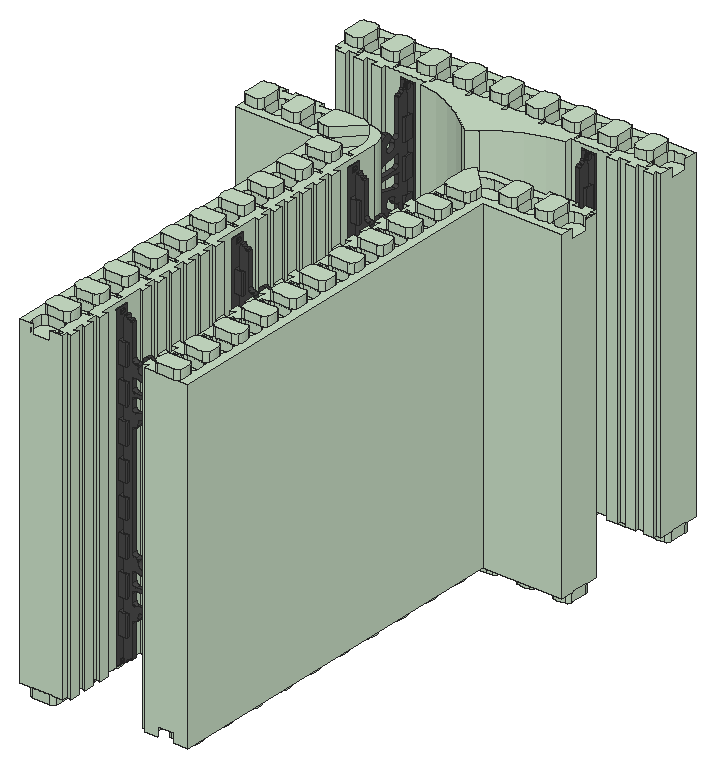
Revit family "ICF- NUDURA 4-inch- Long T Form Unit- Imperial", category Generic Models, Revit 2011 (continued)
Definition of nested family "4-inch Insert Web"
  Forms (in)
    Extrusion 2, solid, material "High Density Polystyrene"
      sketch origin (0, 0, 0) x (0, 1, 0) y (0, 0, 1)
        loop
          arc (1.64893, 17.28772) -> (1.61433, 17.27339) -> (1.6, 17.2388) r 0.04893
          line (1.6, 17.2388) -> (1.6, 17.20772) -> (1.5, 17.20772) -> (1.5, 15.41964)
          arc (1.5, 15.41964) -> (1.44097, 15.27714) -> (1.29847, 15.21812) r 0.20153
          arc (1.29847, 15.21812) -> (1.20889, 15.19959) -> (1.18179, 15.11222) r 0.09
          arc (1.18179, 15.11222) -> (0.74446, 14.77125) -> (0.77171, 15.32512) r 0.305
          arc (0.77171, 15.32512) -> (0.89426, 15.6111) -> (0.60829, 15.73365) r 0.22
          arc (0.60829, 15.73365) -> (0.36995, 15.58023) -> (0.20617, 15.3489) r 0.745
          arc (0.20617, 15.3489) -> (0.12274, 15.25133) -> (0, 15.21369) r 0.23
          arc (0, 15.21369) -> (-0.12274, 15.25133) -> (-0.20617, 15.3489) r 0.23
          arc (-0.20617, 15.3489) -> (-0.36995, 15.58023) -> (-0.60829, 15.73365) r 0.745
          arc (-0.60829, 15.73365) -> (-0.89426, 15.6111) -> (-0.77171, 15.32512) r 0.22
          arc (-0.77171, 15.32512) -> (-0.74446, 14.77125) -> (-1.18179, 15.11222) r 0.305
          arc (-1.18179, 15.11222) -> (-1.20889, 15.19959) -> (-1.29847, 15.21812) r 0.09
          arc (-1.29847, 15.21812) -> (-1.44097, 15.27714) -> (-1.5, 15.41964) r 0.20153
          line (-1.5, 15.41964) -> (-1.5, 17.20772) -> (-1.6, 17.20772) -> (-1.6, 17.2388)
          arc (-1.6, 17.2388) -> (-1.61433, 17.27339) -> (-1.64893, 17.28772) r 0.04893
          line (-1.64893, 17.28772) -> (-1.77609, 17.28772) -> (-1.825, 17.43772)
          arc (-1.825, 17.43772) -> (-1.875, 17.46772) -> (-1.925, 17.43772) r 0.05667
          line (-1.925, 17.43772) -> (-2, 17.20772) -> (-2, 0.53811) -> (-1.925, 0.30811)
          arc (-1.925, 0.30811) -> (-1.875, 0.27811) -> (-1.825, 0.30811) r 0.05667
          line (-1.825, 0.30811) -> (-1.77609, 0.45811) -> (-1.64893, 0.45811)
          arc (-1.64893, 0.45811) -> (-1.61433, 0.47244) -> (-1.6, 0.50703) r 0.04893
          line (-1.6, 0.50703) -> (-1.6, 0.53811) -> (-1.5, 0.53811) -> (-1.5, 2.32619)
          arc (-1.5, 2.32619) -> (-1.44097, 2.46869) -> (-1.29847, 2.52772) r 0.20153
          arc (-1.29847, 2.52772) -> (-1.20889, 2.54624) -> (-1.18179, 2.63362) r 0.09
          arc (-1.18179, 2.63362) -> (-0.74446, 2.97458) -> (-0.77171, 2.42071) r 0.305
          arc (-0.77171, 2.42071) -> (-0.89426, 2.13473) -> (-0.60829, 2.01218) r 0.22
          arc (-0.60829, 2.01218) -> (-0.36995, 2.1656) -> (-0.20617, 2.39693) r 0.745
          arc (-0.20617, 2.39693) -> (-0.12274, 2.4945) -> (0, 2.53215) r 0.23
          arc (0, 2.53215) -> (0.12274, 2.4945) -> (0.20617, 2.39693) r 0.23
          arc (0.20617, 2.39693) -> (0.36995, 2.1656) -> (0.60829, 2.01218) r 0.745
          arc (0.60829, 2.01218) -> (0.89426, 2.13473) -> (0.77171, 2.42071) r 0.22
          arc (0.77171, 2.42071) -> (0.74446, 2.97458) -> (1.18179, 2.63362) r 0.305
          arc (1.18179, 2.63362) -> (1.20889, 2.54624) -> (1.29847, 2.52772) r 0.09
          arc (1.29847, 2.52772) -> (1.44097, 2.46869) -> (1.5, 2.32619) r 0.20153
          line (1.5, 2.32619) -> (1.5, 0.53811) -> (1.6, 0.53811) -> (1.6, 0.50703)
          arc (1.6, 0.50703) -> (1.61433, 0.47244) -> (1.64893, 0.45811) r 0.04893
          line (1.64893, 0.45811) -> (1.77609, 0.45811) -> (1.825, 0.30811)
          arc (1.825, 0.30811) -> (1.875, 0.27811) -> (1.925, 0.30811) r 0.05667
          line (1.925, 0.30811) -> (2, 0.53811) -> (2, 17.20772)
        loop
          line (1.5, 5.8331) -> (1.5, 11.91273)
          arc (1.5, 11.91273) -> (1.44097, 12.05523) -> (1.29847, 12.11426) r 0.20153
          arc (1.29847, 12.11426) -> (1.20889, 12.13278) -> (1.18179, 12.22016) r 0.09
          arc (1.18179, 12.22016) -> (0.74446, 12.56112) -> (0.77171, 12.00725) r 0.305
          arc (0.77171, 12.00725) -> (0.89426, 11.72127) -> (0.60829, 11.59873) r 0.22
          arc (0.60829, 11.59873) -> (0.36995, 11.75214) -> (0.20617, 11.98348) r 0.745
          arc (0.20617, 11.98348) -> (0.12274, 12.08104) -> (0, 12.11869) r 0.23
          arc (0, 12.11869) -> (-0.12274, 12.08104) -> (-0.20617, 11.98348) r 0.23
          arc (-0.20617, 11.98348) -> (-0.36995, 11.75214) -> (-0.60829, 11.59873) r 0.745
          arc (-0.60829, 11.59873) -> (-0.89426, 11.72127) -> (-0.77171, 12.00725) r 0.22
          arc (-0.77171, 12.00725) -> (-0.74446, 12.56112) -> (-1.18179, 12.22016) r 0.305
          arc (-1.18179, 12.22016) -> (-1.20889, 12.13278) -> (-1.29847, 12.11426) r 0.09
          arc (-1.29847, 12.11426) -> (-1.44097, 12.05523) -> (-1.5, 11.91273) r 0.20153
          line (-1.5, 11.91273) -> (-1.5, 5.8331)
          arc (-1.5, 5.8331) -> (-1.44097, 5.6906) -> (-1.29847, 5.63158) r 0.20153
          arc (-1.29847, 5.63158) -> (-1.20889, 5.61305) -> (-1.18179, 5.52567) r 0.09
          arc (-1.18179, 5.52567) -> (-0.74446, 5.18471) -> (-0.77171, 5.73858) r 0.305
          arc (-0.77171, 5.73858) -> (-0.89426, 6.02456) -> (-0.60829, 6.14711) r 0.22
          arc (-0.60829, 6.14711) -> (-0.36995, 5.99369) -> (-0.20617, 5.76236) r 0.745
          arc (-0.20617, 5.76236) -> (-0.12274, 5.66479) -> (0, 5.62715) r 0.23
          arc (0, 5.62715) -> (0.12274, 5.66479) -> (0.20617, 5.76236) r 0.23
          arc (0.20617, 5.76236) -> (0.36995, 5.99369) -> (0.60829, 6.14711) r 0.745
          arc (0.60829, 6.14711) -> (0.89426, 6.02456) -> (0.77171, 5.73858) r 0.22
          arc (0.77171, 5.73858) -> (0.74446, 5.18471) -> (1.18179, 5.52567) r 0.305
          arc (1.18179, 5.52567) -> (1.20889, 5.61305) -> (1.29847, 5.63158) r 0.09
          arc (1.29847, 5.63158) -> (1.44097, 5.6906) -> (1.5, 5.8331) r 0.20153
        loop
          line (1.5, 13.92792) -> (1.5, 14.39506)
          arc (1.5, 14.39506) -> (1.44165, 14.51428) -> (1.31171, 14.54135) r 0.15098
          arc (1.31171, 14.54135) -> (0.8435, 14.42302) -> (0.37542, 14.30691) r 109.15003
          arc (0.37542, 14.30691) -> (0.21407, 14.19098) -> (0.15234, 14.00212) r 0.31975
          arc (0.15234, 14.00212) -> (0.22557, 13.82535) -> (0.40234, 13.75212) r 0.25
          line (0.40234, 13.75212) -> (1.32421, 13.75212)
          arc (1.32421, 13.75212) -> (1.44851, 13.80361) -> (1.5, 13.92792) r 0.17579
        loop
          arc (1.5, 13.40446) -> (1.44851, 13.52876) -> (1.32421, 13.58025) r 0.17579
          line (1.32421, 13.58025) -> (0.40234, 13.58025)
          arc (0.40234, 13.58025) -> (0.22557, 13.50703) -> (0.15234, 13.33025) r 0.25
          arc (0.15234, 13.33025) -> (0.21407, 13.1414) -> (0.37542, 13.02546) r 0.31975
          arc (0.37542, 13.02546) -> (0.8435, 12.90936) -> (1.31171, 12.79102) r 109.15003
          arc (1.31171, 12.79102) -> (1.44165, 12.81809) -> (1.5, 12.93731) r 0.15098
          line (1.5, 12.93731) -> (1.5, 13.40446)
        loop
          line (2.18889, 0.33798) -> (2.13111, 0.34119)
          arc (2.13111, 0.34119) -> (2.11625, 0.33575) -> (2.11, 0.32122) r 0.02
          line (2.11, 0.32122) -> (2.11, 0.20001)
          arc (2.11, 0.20001) -> (2.11414, 0.1848) -> (2.12543, 0.17379) r 0.03
          line (2.12543, 0.17379) -> (2.19457, 0.13538)
          arc (2.19457, 0.13538) -> (2.20585, 0.12437) -> (2.21, 0.10915) r 0.03
          line (2.21, 0.10915) -> (2.21, 0.35795)
          arc (2.21, 0.35795) -> (2.20374, 0.34342) -> (2.18889, 0.33798) r 0.02
        loop
          arc (1.5, 3.81792) -> (1.44851, 3.94222) -> (1.32421, 3.99371) r 0.17579
          line (1.32421, 3.99371) -> (0.40234, 3.99371)
          arc (0.40234, 3.99371) -> (0.22557, 3.92048) -> (0.15234, 3.74371) r 0.25
          arc (0.15234, 3.74371) -> (0.21407, 3.55486) -> (0.37542, 3.43892) r 0.31975
          arc (0.37542, 3.43892) -> (0.8435, 3.32282) -> (1.31171, 3.20448) r 109.15003
          arc (1.31171, 3.20448) -> (1.44165, 3.23155) -> (1.5, 3.35077) r 0.15098
          line (1.5, 3.35077) -> (1.5, 3.81792)
        loop
          line (1.5, 4.34137) -> (1.5, 4.80852)
          arc (1.5, 4.80852) -> (1.44165, 4.92774) -> (1.31171, 4.95481) r 0.15098
          arc (1.31171, 4.95481) -> (0.8435, 4.83647) -> (0.37542, 4.72037) r 109.15003
          arc (0.37542, 4.72037) -> (0.21407, 4.60444) -> (0.15234, 4.41558) r 0.31975
          arc (0.15234, 4.41558) -> (0.22557, 4.23881) -> (0.40234, 4.16558) r 0.25
          line (0.40234, 4.16558) -> (1.32421, 4.16558)
          arc (1.32421, 4.16558) -> (1.44851, 4.21707) -> (1.5, 4.34137) r 0.17579
        loop
          line (-2.18889, 17.40785) -> (-2.13111, 17.40464)
          arc (-2.13111, 17.40464) -> (-2.11625, 17.41008) -> (-2.11, 17.42461) r 0.02
          line (-2.11, 17.42461) -> (-2.11, 17.54582)
          arc (-2.11, 17.54582) -> (-2.11414, 17.56103) -> (-2.12543, 17.57204) r 0.03
          line (-2.12543, 17.57204) -> (-2.19457, 17.61045)
          arc (-2.19457, 17.61045) -> (-2.20585, 17.62147) -> (-2.21, 17.63668) r 0.03
          line (-2.21, 17.63668) -> (-2.21, 17.38789)
          arc (-2.21, 17.38789) -> (-2.20374, 17.40241) -> (-2.18889, 17.40785) r 0.02
        loop
          arc (-1.5, 13.92792) -> (-1.44851, 13.80361) -> (-1.32421, 13.75212) r 0.17579
          line (-1.32421, 13.75212) -> (-0.40234, 13.75212)
          arc (-0.40234, 13.75212) -> (-0.22557, 13.82535) -> (-0.15234, 14.00212) r 0.25
          arc (-0.15234, 14.00212) -> (-0.21407, 14.19098) -> (-0.37542, 14.30691) r 0.31975
          arc (-0.37542, 14.30691) -> (-0.8435, 14.42302) -> (-1.31171, 14.54135) r 109.15003
          arc (-1.31171, 14.54135) -> (-1.44165, 14.51428) -> (-1.5, 14.39506) r 0.15098
          line (-1.5, 14.39506) -> (-1.5, 13.92792)
        loop
          line (-1.5, 13.40446) -> (-1.5, 12.93731)
          arc (-1.5, 12.93731) -> (-1.44165, 12.81809) -> (-1.31171, 12.79102) r 0.15098
          arc (-1.31171, 12.79102) -> (-0.8435, 12.90936) -> (-0.37542, 13.02546) r 109.15003
          arc (-0.37542, 13.02546) -> (-0.21407, 13.1414) -> (-0.15234, 13.33025) r 0.31975
          arc (-0.15234, 13.33025) -> (-0.22557, 13.50703) -> (-0.40234, 13.58025) r 0.25
          line (-0.40234, 13.58025) -> (-1.32421, 13.58025)
          arc (-1.32421, 13.58025) -> (-1.44851, 13.52876) -> (-1.5, 13.40446) r 0.17579
        loop
          arc (-2.18889, 0.33798) -> (-2.20374, 0.34342) -> (-2.21, 0.35795) r 0.02
          line (-2.21, 0.35795) -> (-2.21, 0.10915)
          arc (-2.21, 0.10915) -> (-2.20585, 0.12437) -> (-2.19457, 0.13538) r 0.03
          line (-2.19457, 0.13538) -> (-2.12543, 0.17379)
          arc (-2.12543, 0.17379) -> (-2.11414, 0.1848) -> (-2.11, 0.20001) r 0.03
          line (-2.11, 0.20001) -> (-2.11, 0.32122)
          arc (-2.11, 0.32122) -> (-2.11625, 0.33575) -> (-2.13111, 0.34119) r 0.02
          line (-2.13111, 0.34119) -> (-2.18889, 0.33798)
        loop
          line (-1.5, 3.81792) -> (-1.5, 3.35077)
          arc (-1.5, 3.35077) -> (-1.44165, 3.23155) -> (-1.31171, 3.20448) r 0.15098
          arc (-1.31171, 3.20448) -> (-0.8435, 3.32282) -> (-0.37542, 3.43892) r 109.15003
          arc (-0.37542, 3.43892) -> (-0.21407, 3.55486) -> (-0.15234, 3.74371) r 0.31975
          arc (-0.15234, 3.74371) -> (-0.22557, 3.92048) -> (-0.40234, 3.99371) r 0.25
          line (-0.40234, 3.99371) -> (-1.32421, 3.99371)
          arc (-1.32421, 3.99371) -> (-1.44851, 3.94222) -> (-1.5, 3.81792) r 0.17579
        loop
          arc (-1.5, 4.34137) -> (-1.44851, 4.21707) -> (-1.32421, 4.16558) r 0.17579
          line (-1.32421, 4.16558) -> (-0.40234, 4.16558)
          arc (-0.40234, 4.16558) -> (-0.22557, 4.23881) -> (-0.15234, 4.41558) r 0.25
          arc (-0.15234, 4.41558) -> (-0.21407, 4.60444) -> (-0.37542, 4.72037) r 0.31975
          arc (-0.37542, 4.72037) -> (-0.8435, 4.83647) -> (-1.31171, 4.95481) r 109.15003
          arc (-1.31171, 4.95481) -> (-1.44165, 4.92774) -> (-1.5, 4.80852) r 0.15098
          line (-1.5, 4.80852) -> (-1.5, 4.34137)
      from 0.125 to -0.125
    Extrusion 3, solid, material "High Density Polystyrene"
      sketch origin (0, 0, 0) x (0, 1, 0) y (0, 0, 1)
        loop
          line (2.21, 16.17792) -> (1.71, 16.17792) -> (1.71, 14.97792) -> (2.21, 14.97792) -> (2.21, 16.17792)
        loop
          line (2.21, 14.22792) -> (1.71, 14.22792) -> (1.71, 13.02792) -> (2.21, 13.02792) -> (2.21, 14.22792)
        loop
          line (2.21, 12.27792) -> (1.71, 12.27792) -> (1.71, 11.07792) -> (2.21, 11.07792) -> (2.21, 12.27792)
        loop
          line (2.21, 10.32792) -> (1.71, 10.32792) -> (1.71, 9.24792) -> (2.21, 9.24792) -> (2.21, 10.32792)
        loop
          line (2.21, 8.49792) -> (1.71, 8.49792) -> (1.71, 7.41792) -> (2.21, 7.41792) -> (2.21, 8.49792)
        loop
          line (2.21, 6.66792) -> (1.71, 6.66792) -> (1.71, 5.46792) -> (2.21, 5.46792) -> (2.21, 6.66792)
        loop
          line (2.21, 4.71792) -> (1.71, 4.71792) -> (1.71, 3.51792) -> (2.21, 3.51792) -> (2.21, 4.71792)
        loop
          line (2.21, 2.76792) -> (1.71, 2.76792) -> (1.71, 1.56792) -> (2.21, 1.56792) -> (2.21, 2.76792)
        loop
          line (-2.21, 16.17792) -> (-2.21, 14.97792) -> (-1.71, 14.97792) -> (-1.71, 16.17792) -> (-2.21, 16.17792)
        loop
          line (-2.21, 14.22792) -> (-2.21, 13.02792) -> (-1.71, 13.02792) -> (-1.71, 14.22792) -> (-2.21, 14.22792)
        loop
          line (-2.21, 12.27792) -> (-2.21, 11.07792) -> (-1.71, 11.07792) -> (-1.71, 12.27792) -> (-2.21, 12.27792)
        loop
          line (-2.21, 10.32792) -> (-2.21, 9.24792) -> (-1.71, 9.24792) -> (-1.71, 10.32792) -> (-2.21, 10.32792)
        loop
          line (-2.21, 8.49792) -> (-2.21, 7.41792) -> (-1.71, 7.41792) -> (-1.71, 8.49792) -> (-2.21, 8.49792)
        loop
          line (-2.21, 6.66792) -> (-2.21, 5.46792) -> (-1.71, 5.46792) -> (-1.71, 6.66792) -> (-2.21, 6.66792)
        loop
          line (-2.21, 4.71792) -> (-2.21, 3.51792) -> (-1.71, 3.51792) -> (-1.71, 4.71792) -> (-2.21, 4.71792)
        loop
          line (-2.21, 2.76792) -> (-2.21, 1.56792) -> (-1.71, 1.56792) -> (-1.71, 2.76792) -> (-2.21, 2.76792)
      from 0.25 to -0.25
    Extrusion 4, void
      sketch origin (0, -1, 0) x (1, 0, 0) y (0, 1, 0)
        loop
          line (-0.25, 2.79249) -> (-0.25, 2.71) -> (-0.1675, 2.71)
          arc (-0.1675, 2.71) -> (-0.22584, 2.73416) -> (-0.25, 2.79249) r 0.0825
      from 0 to 18
    Extrusion 5, void
      sketch origin (0, -1, 0) x (-1, 0, 0) y (0, -1, 0)
        loop
          arc (-0.25, -2.79249) -> (-0.22584, -2.73416) -> (-0.1675, -2.71) r 0.0825
          line (-0.1675, -2.71) -> (-0.25, -2.71) -> (-0.25, -2.79249)
      from 0 to 18
    Extrusion 6, void
      sketch origin (0, 1, 0) x (1, 0, 0) y (0, 1, 0)
        loop
          arc (-0.25, -2.79249) -> (-0.22584, -2.73416) -> (-0.1675, -2.71) r 0.0825
          line (-0.1675, -2.71) -> (-0.25, -2.71) -> (-0.25, -2.79249)
      from 0 to 18
    Extrusion 7, void
      sketch origin (0, 1, 0) x (-1, 0, 0) y (0, -1, 0)
        loop
          line (-0.25, 2.79249) -> (-0.25, 2.71) -> (-0.1675, 2.71)
          arc (-0.1675, 2.71) -> (-0.22584, 2.73416) -> (-0.25, 2.79249) r 0.0825
      from 0 to 18
  Cuts and joins
    Extrusion 4, Extrusion 5, Extrusion 6, Extrusion 7 cuts Extrusion 1
    Extrusion 4, Extrusion 5, Extrusion 6, Extrusion 7 cuts Extrusion 3
Definition of nested family "NUDURA Diamond Pattern"
  Reference planes (in)
    plane 1 "Center (Front/Back)": y = 0
    plane 2: z = 0
    plane 3 "Center (Left/Right)": x = 0
    plane 4: z = 18
  Lines and regions (in)
    model lines
      curve 1: line (8, -5.625, 18) -> (8, -5.625, 0)
      curve 2: line (6, -5.625, 18) -> (6, -5.625, 0)
      curve 3: line (2, -5.625, 18) -> (2, -5.625, 0)
      curve 4: line (3.35367, -5.625, 16.98484) -> (3.69709, -5.625, 16.64142)
      curve 5: arc (3.35367, -5.625, 17.51517) -> (3.24384, -5.625, 17.25) -> (3.35367, -5.625, 16.98484) r 0.375
      curve 6: line (3.72867, -5.625, 17.89017) -> (3.35367, -5.625, 17.51517)
      curve 7: arc (4.259, -5.625, 17.89017) -> (3.99384, -5.625, 18) -> (3.72867, -5.625, 17.89017) r 0.375
      curve 8: line (4.634, -5.625, 17.51517) -> (4.259, -5.625, 17.89017)
      curve 9: arc (4.634, -5.625, 16.98484) -> (4.74384, -5.625, 17.25) -> (4.634, -5.625, 17.51517) r 0.375
      curve 10: line (4.29059, -5.625, 16.64142) -> (4.634, -5.625, 16.98484)
      curve 11: arc (4.17062, -5.625, 17.80178) -> (3.99384, -5.625, 17.875) -> (3.81706, -5.625, 17.80178) r 0.25
      curve 12: line (4.54562, -5.625, 17.42678) -> (4.17062, -5.625, 17.80178)
      curve 13: arc (4.54562, -5.625, 17.07322) -> (4.61884, -5.625, 17.25) -> (4.54562, -5.625, 17.42678) r 0.25
      curve 14: line (4.17062, -5.625, 16.69822) -> (4.54562, -5.625, 17.07322)
      curve 15: arc (3.81706, -5.625, 16.69822) -> (3.99384, -5.625, 16.625) -> (4.17062, -5.625, 16.69822) r 0.25
      curve 16: line (3.44206, -5.625, 17.07322) -> (3.81706, -5.625, 16.69822)
      curve 17: arc (3.44206, -5.625, 17.42678) -> (3.36884, -5.625, 17.25) -> (3.44206, -5.625, 17.07322) r 0.25
      curve 18: line (3.81706, -5.625, 17.80178) -> (3.44206, -5.625, 17.42678)
      curve 19: arc (3.69709, -5.625, 16.35858) -> (3.75567, -5.625, 16.5) -> (3.69709, -5.625, 16.64142) r 0.2
      curve 20: line (4.634, -5.625, 16.01517) -> (4.29059, -5.625, 16.35858)
      curve 21: arc (4.634, -5.625, 15.48484) -> (4.74384, -5.625, 15.75) -> (4.634, -5.625, 16.01517) r 0.375
      curve 22: line (4.29059, -5.625, 15.14142) -> (4.634, -5.625, 15.48484)
      curve 23: line (3.35367, -5.625, 15.48484) -> (3.69709, -5.625, 15.14142)
      curve 24: arc (3.35367, -5.625, 16.01517) -> (3.24384, -5.625, 15.75) -> (3.35367, -5.625, 15.48484) r 0.375
      curve 25: line (3.69709, -5.625, 16.35858) -> (3.35367, -5.625, 16.01517)
      curve 26: arc (4.17062, -5.625, 16.30178) -> (3.99384, -5.625, 16.375) -> (3.81706, -5.625, 16.30178) r 0.25
      curve 27: line (3.81706, -5.625, 16.30178) -> (3.44206, -5.625, 15.92678)
      curve 28: arc (3.44206, -5.625, 15.92678) -> (3.36884, -5.625, 15.75) -> (3.44206, -5.625, 15.57322) r 0.25
      curve 29: line (3.44206, -5.625, 15.57322) -> (3.81706, -5.625, 15.19822)
      curve 30: arc (3.81706, -5.625, 15.19822) -> (3.99384, -5.625, 15.125) -> (4.17062, -5.625, 15.19822) r 0.25
      curve 31: line (4.17062, -5.625, 15.19822) -> (4.54562, -5.625, 15.57322)
      curve 32: arc (4.54562, -5.625, 15.57322) -> (4.61884, -5.625, 15.75) -> (4.54562, -5.625, 15.92678) r 0.25
      curve 33: line (4.54562, -5.625, 15.92678) -> (4.17062, -5.625, 16.30178)
      curve 34: arc (3.69709, -5.625, 14.85858) -> (3.75567, -5.625, 15) -> (3.69709, -5.625, 15.14142) r 0.2
      curve 35: line (4.634, -5.625, 14.51517) -> (4.29059, -5.625, 14.85858)
      curve 36: arc (4.634, -5.625, 13.98484) -> (4.74384, -5.625, 14.25) -> (4.634, -5.625, 14.51517) r 0.375
      curve 37: line (4.29059, -5.625, 13.64142) -> (4.634, -5.625, 13.98484)
      curve 38: line (3.35367, -5.625, 13.98484) -> (3.69709, -5.625, 13.64142)
      curve 39: arc (3.35367, -5.625, 14.51517) -> (3.24384, -5.625, 14.25) -> (3.35367, -5.625, 13.98484) r 0.375
      curve 40: line (3.69709, -5.625, 14.85858) -> (3.35367, -5.625, 14.51517)
      curve 41: arc (4.17062, -5.625, 14.80178) -> (3.99384, -5.625, 14.875) -> (3.81706, -5.625, 14.80178) r 0.25
      curve 42: line (3.81706, -5.625, 14.80178) -> (3.44206, -5.625, 14.42678)
      curve 43: arc (3.44206, -5.625, 14.42678) -> (3.36884, -5.625, 14.25) -> (3.44206, -5.625, 14.07322) r 0.25
      curve 44: line (3.44206, -5.625, 14.07322) -> (3.81706, -5.625, 13.69822)
      curve 45: arc (3.81706, -5.625, 13.69822) -> (3.99384, -5.625, 13.625) -> (4.17062, -5.625, 13.69822) r 0.25
      curve 46: line (4.17062, -5.625, 13.69822) -> (4.54562, -5.625, 14.07322)
      curve 47: arc (4.54562, -5.625, 14.07322) -> (4.61884, -5.625, 14.25) -> (4.54562, -5.625, 14.42678) r 0.25
      curve 48: line (4.54562, -5.625, 14.42678) -> (4.17062, -5.625, 14.80178)
      curve 49: arc (3.69709, -5.625, 13.35858) -> (3.75567, -5.625, 13.5) -> (3.69709, -5.625, 13.64142) r 0.2
      curve 50: line (4.634, -5.625, 13.01517) -> (4.29059, -5.625, 13.35858)
      curve 51: arc (4.634, -5.625, 12.48484) -> (4.74384, -5.625, 12.75) -> (4.634, -5.625, 13.01517) r 0.375
      curve 52: line (4.29059, -5.625, 12.14142) -> (4.634, -5.625, 12.48484)
      curve 53: line (3.35367, -5.625, 12.48484) -> (3.69709, -5.625, 12.14142)
      curve 54: arc (3.35367, -5.625, 13.01517) -> (3.24384, -5.625, 12.75) -> (3.35367, -5.625, 12.48484) r 0.375
      curve 55: line (3.69709, -5.625, 13.35858) -> (3.35367, -5.625, 13.01517)
      curve 56: arc (4.17062, -5.625, 13.30178) -> (3.99384, -5.625, 13.375) -> (3.81706, -5.625, 13.30178) r 0.25
      curve 57: line (3.81706, -5.625, 13.30178) -> (3.44206, -5.625, 12.92678)
      curve 58: arc (3.44206, -5.625, 12.92678) -> (3.36884, -5.625, 12.75) -> (3.44206, -5.625, 12.57322) r 0.25
      curve 59: line (3.44206, -5.625, 12.57322) -> (3.81706, -5.625, 12.19822)
      curve 60: arc (3.81706, -5.625, 12.19822) -> (3.99384, -5.625, 12.125) -> (4.17062, -5.625, 12.19822) r 0.25
      curve 61: line (4.17062, -5.625, 12.19822) -> (4.54562, -5.625, 12.57322)
      curve 62: arc (4.54562, -5.625, 12.57322) -> (4.61884, -5.625, 12.75) -> (4.54562, -5.625, 12.92678) r 0.25
      curve 63: line (4.54562, -5.625, 12.92678) -> (4.17062, -5.625, 13.30178)
      curve 64: arc (3.69709, -5.625, 11.85858) -> (3.75567, -5.625, 12) -> (3.69709, -5.625, 12.14142) r 0.2
      curve 65: line (4.634, -5.625, 11.51517) -> (4.29059, -5.625, 11.85858)
      curve 66: arc (4.634, -5.625, 10.98484) -> (4.74384, -5.625, 11.25) -> (4.634, -5.625, 11.51517) r 0.375
      curve 67: line (4.29059, -5.625, 10.64142) -> (4.634, -5.625, 10.98484)
      curve 68: line (3.35367, -5.625, 10.98484) -> (3.69709, -5.625, 10.64142)
      curve 69: arc (3.35367, -5.625, 11.51517) -> (3.24384, -5.625, 11.25) -> (3.35367, -5.625, 10.98484) r 0.375
      curve 70: line (3.69709, -5.625, 11.85858) -> (3.35367, -5.625, 11.51517)
      curve 71: arc (4.17062, -5.625, 11.80178) -> (3.99384, -5.625, 11.875) -> (3.81706, -5.625, 11.80178) r 0.25
      curve 72: line (3.81706, -5.625, 11.80178) -> (3.44206, -5.625, 11.42678)
      curve 73: arc (3.44206, -5.625, 11.42678) -> (3.36884, -5.625, 11.25) -> (3.44206, -5.625, 11.07322) r 0.25
      curve 74: line (3.44206, -5.625, 11.07322) -> (3.81706, -5.625, 10.69822)
      curve 75: arc (3.81706, -5.625, 10.69822) -> (3.99384, -5.625, 10.625) -> (4.17062, -5.625, 10.69822) r 0.25
      curve 76: line (4.17062, -5.625, 10.69822) -> (4.54562, -5.625, 11.07322)
      curve 77: arc (4.54562, -5.625, 11.07322) -> (4.61884, -5.625, 11.25) -> (4.54562, -5.625, 11.42678) r 0.25
      curve 78: line (4.54562, -5.625, 11.42678) -> (4.17062, -5.625, 11.80178)
      curve 79: arc (3.69709, -5.625, 10.35858) -> (3.75567, -5.625, 10.5) -> (3.69709, -5.625, 10.64142) r 0.2
      curve 80: line (4.634, -5.625, 10.01517) -> (4.29059, -5.625, 10.35858)
      curve 81: arc (4.634, -5.625, 9.48484) -> (4.74384, -5.625, 9.75) -> (4.634, -5.625, 10.01517) r 0.375
      curve 82: line (4.29059, -5.625, 9.14142) -> (4.634, -5.625, 9.48484)
      curve 83: line (3.35367, -5.625, 9.48484) -> (3.69709, -5.625, 9.14142)
      curve 84: arc (3.35367, -5.625, 10.01517) -> (3.24384, -5.625, 9.75) -> (3.35367, -5.625, 9.48484) r 0.375
      curve 85: line (3.69709, -5.625, 10.35858) -> (3.35367, -5.625, 10.01517)
      curve 86: arc (4.17062, -5.625, 10.30178) -> (3.99384, -5.625, 10.375) -> (3.81706, -5.625, 10.30178) r 0.25
      curve 87: line (3.81706, -5.625, 10.30178) -> (3.44206, -5.625, 9.92678)
      curve 88: arc (3.44206, -5.625, 9.92678) -> (3.36884, -5.625, 9.75) -> (3.44206, -5.625, 9.57322) r 0.25
      curve 89: line (3.44206, -5.625, 9.57322) -> (3.81706, -5.625, 9.19822)
      curve 90: arc (3.81706, -5.625, 9.19822) -> (3.99384, -5.625, 9.125) -> (4.17062, -5.625, 9.19822) r 0.25
      curve 91: line (4.17062, -5.625, 9.19822) -> (4.54562, -5.625, 9.57322)
      curve 92: arc (4.54562, -5.625, 9.57322) -> (4.61884, -5.625, 9.75) -> (4.54562, -5.625, 9.92678) r 0.25
      curve 93: line (4.54562, -5.625, 9.92678) -> (4.17062, -5.625, 10.30178)
      curve 94: arc (3.69709, -5.625, 8.85858) -> (3.75567, -5.625, 9) -> (3.69709, -5.625, 9.14142) r 0.2
      curve 95: line (4.634, -5.625, 8.51517) -> (4.29059, -5.625, 8.85858)
      curve 96: arc (4.634, -5.625, 7.98484) -> (4.74384, -5.625, 8.25) -> (4.634, -5.625, 8.51517) r 0.375
      curve 97: line (4.29059, -5.625, 7.64142) -> (4.634, -5.625, 7.98484)
      curve 98: line (3.35367, -5.625, 7.98484) -> (3.69709, -5.625, 7.64142)
      curve 99: arc (3.35367, -5.625, 8.51517) -> (3.24384, -5.625, 8.25) -> (3.35367, -5.625, 7.98484) r 0.375
      curve 100: line (3.69709, -5.625, 8.85858) -> (3.35367, -5.625, 8.51517)
      curve 101: arc (4.17062, -5.625, 8.80178) -> (3.99384, -5.625, 8.875) -> (3.81706, -5.625, 8.80178) r 0.25
      curve 102: line (3.81706, -5.625, 8.80178) -> (3.44206, -5.625, 8.42678)
      curve 103: arc (3.44206, -5.625, 8.42678) -> (3.36884, -5.625, 8.25) -> (3.44206, -5.625, 8.07322) r 0.25
      curve 104: line (3.44206, -5.625, 8.07322) -> (3.81706, -5.625, 7.69822)
      curve 105: arc (3.81706, -5.625, 7.69822) -> (3.99384, -5.625, 7.625) -> (4.17062, -5.625, 7.69822) r 0.25
      curve 106: line (4.17062, -5.625, 7.69822) -> (4.54562, -5.625, 8.07322)
      curve 107: arc (4.54562, -5.625, 8.07322) -> (4.61884, -5.625, 8.25) -> (4.54562, -5.625, 8.42678) r 0.25
      curve 108: line (4.54562, -5.625, 8.42678) -> (4.17062, -5.625, 8.80178)
      curve 109: arc (3.69709, -5.625, 7.35858) -> (3.75567, -5.625, 7.5) -> (3.69709, -5.625, 7.64142) r 0.2
      curve 110: line (4.634, -5.625, 7.01517) -> (4.29059, -5.625, 7.35858)
      curve 111: arc (4.634, -5.625, 6.48484) -> (4.74384, -5.625, 6.75) -> (4.634, -5.625, 7.01517) r 0.375
      curve 112: line (4.29059, -5.625, 6.14142) -> (4.634, -5.625, 6.48484)
      curve 113: line (3.35367, -5.625, 6.48484) -> (3.69709, -5.625, 6.14142)
      curve 114: arc (3.35367, -5.625, 7.01517) -> (3.24384, -5.625, 6.75) -> (3.35367, -5.625, 6.48484) r 0.375
      curve 115: line (3.69709, -5.625, 7.35858) -> (3.35367, -5.625, 7.01517)
      curve 116: arc (4.17062, -5.625, 7.30178) -> (3.99384, -5.625, 7.375) -> (3.81706, -5.625, 7.30178) r 0.25
      curve 117: line (3.81706, -5.625, 7.30178) -> (3.44206, -5.625, 6.92678)
      curve 118: arc (3.44206, -5.625, 6.92678) -> (3.36884, -5.625, 6.75) -> (3.44206, -5.625, 6.57322) r 0.25
      curve 119: line (3.44206, -5.625, 6.57322) -> (3.81706, -5.625, 6.19822)
      curve 120: arc (3.81706, -5.625, 6.19822) -> (3.99384, -5.625, 6.125) -> (4.17062, -5.625, 6.19822) r 0.25
      curve 121: line (4.17062, -5.625, 6.19822) -> (4.54562, -5.625, 6.57322)
      curve 122: arc (4.54562, -5.625, 6.57322) -> (4.61884, -5.625, 6.75) -> (4.54562, -5.625, 6.92678) r 0.25
      curve 123: line (4.54562, -5.625, 6.92678) -> (4.17062, -5.625, 7.30178)
      curve 124: arc (3.69709, -5.625, 5.85858) -> (3.75567, -5.625, 6) -> (3.69709, -5.625, 6.14142) r 0.2
      curve 125: line (4.634, -5.625, 5.51517) -> (4.29059, -5.625, 5.85858)
      curve 126: arc (4.634, -5.625, 4.98484) -> (4.74384, -5.625, 5.25) -> (4.634, -5.625, 5.51517) r 0.375
      curve 127: line (4.29059, -5.625, 4.64142) -> (4.634, -5.625, 4.98484)
      curve 128: line (3.35367, -5.625, 4.98484) -> (3.69709, -5.625, 4.64142)
      curve 129: arc (3.35367, -5.625, 5.51517) -> (3.24384, -5.625, 5.25) -> (3.35367, -5.625, 4.98484) r 0.375
      curve 130: line (3.69709, -5.625, 5.85858) -> (3.35367, -5.625, 5.51517)
      curve 131: arc (4.17062, -5.625, 5.80178) -> (3.99384, -5.625, 5.875) -> (3.81706, -5.625, 5.80178) r 0.25
      curve 132: line (3.81706, -5.625, 5.80178) -> (3.44206, -5.625, 5.42678)
      curve 133: arc (3.44206, -5.625, 5.42678) -> (3.36884, -5.625, 5.25) -> (3.44206, -5.625, 5.07322) r 0.25
      curve 134: line (3.44206, -5.625, 5.07322) -> (3.81706, -5.625, 4.69822)
      curve 135: arc (3.81706, -5.625, 4.69822) -> (3.99384, -5.625, 4.625) -> (4.17062, -5.625, 4.69822) r 0.25
      curve 136: line (4.17062, -5.625, 4.69822) -> (4.54562, -5.625, 5.07322)
      curve 137: arc (4.54562, -5.625, 5.07322) -> (4.61884, -5.625, 5.25) -> (4.54562, -5.625, 5.42678) r 0.25
      curve 138: line (4.54562, -5.625, 5.42678) -> (4.17062, -5.625, 5.80178)
      curve 139: arc (3.69709, -5.625, 4.35858) -> (3.75567, -5.625, 4.5) -> (3.69709, -5.625, 4.64142) r 0.2
      curve 140: line (4.634, -5.625, 4.01517) -> (4.29059, -5.625, 4.35858)
      curve 141: arc (4.634, -5.625, 3.48484) -> (4.74384, -5.625, 3.75) -> (4.634, -5.625, 4.01517) r 0.375
      curve 142: line (4.29059, -5.625, 3.14142) -> (4.634, -5.625, 3.48484)
      curve 143: line (3.35367, -5.625, 3.48484) -> (3.69709, -5.625, 3.14142)
      curve 144: arc (3.35367, -5.625, 4.01517) -> (3.24384, -5.625, 3.75) -> (3.35367, -5.625, 3.48484) r 0.375
      curve 145: line (3.69709, -5.625, 4.35858) -> (3.35367, -5.625, 4.01517)
      curve 146: arc (4.17062, -5.625, 4.30178) -> (3.99384, -5.625, 4.375) -> (3.81706, -5.625, 4.30178) r 0.25
      curve 147: line (3.81706, -5.625, 4.30178) -> (3.44206, -5.625, 3.92678)
      curve 148: arc (3.44206, -5.625, 3.92678) -> (3.36884, -5.625, 3.75) -> (3.44206, -5.625, 3.57322) r 0.25
      curve 149: line (3.44206, -5.625, 3.57322) -> (3.81706, -5.625, 3.19822)
      curve 150: arc (3.81706, -5.625, 3.19822) -> (3.99384, -5.625, 3.125) -> (4.17062, -5.625, 3.19822) r 0.25
      curve 151: line (4.17062, -5.625, 3.19822) -> (4.54562, -5.625, 3.57322)
      curve 152: arc (4.54562, -5.625, 3.57322) -> (4.61884, -5.625, 3.75) -> (4.54562, -5.625, 3.92678) r 0.25
      curve 153: line (4.54562, -5.625, 3.92678) -> (4.17062, -5.625, 4.30178)
      curve 154: arc (3.69709, -5.625, 2.85858) -> (3.75567, -5.625, 3) -> (3.69709, -5.625, 3.14142) r 0.2
      curve 155: line (4.634, -5.625, 2.51517) -> (4.29059, -5.625, 2.85858)
      curve 156: arc (4.634, -5.625, 1.98484) -> (4.74384, -5.625, 2.25) -> (4.634, -5.625, 2.51517) r 0.375
      curve 157: line (4.29059, -5.625, 1.64142) -> (4.634, -5.625, 1.98484)
      curve 158: line (3.35367, -5.625, 1.98484) -> (3.69709, -5.625, 1.64142)
      curve 159: arc (3.35367, -5.625, 2.51517) -> (3.24384, -5.625, 2.25) -> (3.35367, -5.625, 1.98484) r 0.375
      curve 160: line (3.69709, -5.625, 2.85858) -> (3.35367, -5.625, 2.51517)
      curve 161: arc (4.17062, -5.625, 2.80178) -> (3.99384, -5.625, 2.875) -> (3.81706, -5.625, 2.80178) r 0.25
      curve 162: line (3.81706, -5.625, 2.80178) -> (3.44206, -5.625, 2.42678)
      curve 163: arc (3.44206, -5.625, 2.42678) -> (3.36884, -5.625, 2.25) -> (3.44206, -5.625, 2.07322) r 0.25
      curve 164: line (3.44206, -5.625, 2.07322) -> (3.81706, -5.625, 1.69822)
      curve 165: arc (3.81706, -5.625, 1.69822) -> (3.99384, -5.625, 1.625) -> (4.17062, -5.625, 1.69822) r 0.25
      curve 166: line (4.17062, -5.625, 1.69822) -> (4.54562, -5.625, 2.07322)
      curve 167: arc (4.54562, -5.625, 2.07322) -> (4.61884, -5.625, 2.25) -> (4.54562, -5.625, 2.42678) r 0.25
      curve 168: line (4.54562, -5.625, 2.42678) -> (4.17062, -5.625, 2.80178)
      curve 169: arc (3.69709, -5.625, 1.35858) -> (3.75567, -5.625, 1.5) -> (3.69709, -5.625, 1.64142) r 0.2
      curve 170: line (3.69709, -5.625, 1.35858) -> (3.35367, -5.625, 1.01517)
      curve 171: arc (3.35367, -5.625, 1.01517) -> (3.24384, -5.625, 0.75) -> (3.35367, -5.625, 0.48484) r 0.375
      curve 172: line (3.35367, -5.625, 0.48484) -> (3.72867, -5.625, 0.10984)
      curve 173: arc (3.72867, -5.625, 0.10984) -> (3.99384, -5.625, 0) -> (4.259, -5.625, 0.10984) r 0.375
      curve 174: line (4.259, -5.625, 0.10984) -> (4.634, -5.625, 0.48484)
      curve 175: arc (4.634, -5.625, 0.48484) -> (4.74384, -5.625, 0.75) -> (4.634, -5.625, 1.01517) r 0.375
      curve 176: line (4.634, -5.625, 1.01517) -> (4.29059, -5.625, 1.35858)
      curve 177: arc (4.29059, -5.625, 1.64142) -> (4.23201, -5.625, 1.5) -> (4.29059, -5.625, 1.35858) r 0.2
      curve 178: arc (4.17062, -5.625, 1.30178) -> (3.99384, -5.625, 1.375) -> (3.81706, -5.625, 1.30178) r 0.25
      curve 179: line (4.54562, -5.625, 0.92678) -> (4.17062, -5.625, 1.30178)
      curve 180: arc (4.54562, -5.625, 0.57322) -> (4.61884, -5.625, 0.75) -> (4.54562, -5.625, 0.92678) r 0.25
      curve 181: line (4.17062, -5.625, 0.19822) -> (4.54562, -5.625, 0.57322)
      curve 182: arc (3.81706, -5.625, 0.19822) -> (3.99384, -5.625, 0.125) -> (4.17062, -5.625, 0.19822) r 0.25
      curve 183: line (3.44206, -5.625, 0.57322) -> (3.81706, -5.625, 0.19822)
      curve 184: arc (3.44206, -5.625, 0.92678) -> (3.36884, -5.625, 0.75) -> (3.44206, -5.625, 0.57322) r 0.25
      curve 185: line (3.81706, -5.625, 1.30178) -> (3.44206, -5.625, 0.92678)
      curve 186: arc (4.29059, -5.625, 3.14142) -> (4.23201, -5.625, 3) -> (4.29059, -5.625, 2.85858) r 0.2
      curve 187: arc (4.29059, -5.625, 4.64142) -> (4.23201, -5.625, 4.5) -> (4.29059, -5.625, 4.35858) r 0.2
      curve 188: arc (4.29059, -5.625, 6.14142) -> (4.23201, -5.625, 6) -> (4.29059, -5.625, 5.85858) r 0.2
      curve 189: arc (4.29059, -5.625, 7.64142) -> (4.23201, -5.625, 7.5) -> (4.29059, -5.625, 7.35858) r 0.2
      curve 190: arc (4.29059, -5.625, 9.14142) -> (4.23201, -5.625, 9) -> (4.29059, -5.625, 8.85858) r 0.2
      curve 191: arc (4.29059, -5.625, 10.64142) -> (4.23201, -5.625, 10.5) -> (4.29059, -5.625, 10.35858) r 0.2
      curve 192: arc (4.29059, -5.625, 12.14142) -> (4.23201, -5.625, 12) -> (4.29059, -5.625, 11.85858) r 0.2
      curve 193: arc (4.29059, -5.625, 13.64142) -> (4.23201, -5.625, 13.5) -> (4.29059, -5.625, 13.35858) r 0.2
      curve 194: arc (4.29059, -5.625, 15.14142) -> (4.23201, -5.625, 15) -> (4.29059, -5.625, 14.85858) r 0.2
      curve 195: arc (4.29059, -5.625, 16.64142) -> (4.23201, -5.625, 16.5) -> (4.29059, -5.625, 16.35858) r 0.2
Definition of nested family "NUDURA Logo Diamond"
  Reference planes (in)
    plane 1 "Center (Front/Back)": y = 0
    plane 2: z = 0
    plane 3 "Center (Left/Right)": x = 0
  Lines and regions (in)
    model lines
      curve 1: line (12.59848, 0, 17.50104) -> (12.24492, 0, 17.85459)
      curve 2: line (12.36113, 0, 16.76872) -> (12.59848, 0, 17.00607)
      curve 3: line (12.59848, 0, 16.00104) -> (12.36113, 0, 16.23839)
      curve 4: line (12.36113, 0, 15.26872) -> (12.59848, 0, 15.50607)
      curve 5: line (12.59848, 0, 14.50104) -> (12.36113, 0, 14.73839)
      curve 6: line (12.36113, 0, 13.76872) -> (12.59848, 0, 14.00607)
      curve 7: line (12.17421, 0, 13.28388) -> (12.71208, 0, 12.74602)
      curve 8: line (12.71208, 0, 12.74602) -> (12.78279, 0, 12.81673)
      curve 9: line (11.28279, 0, 12.74602) -> (11.82066, 0, 13.28388)
      curve 10: line (11.63374, 0, 13.23839) -> (11.21208, 0, 12.81673)
      curve 11: line (11.3964, 0, 14.00607) -> (11.63374, 0, 13.76872)
      curve 12: line (11.63374, 0, 14.73839) -> (11.3964, 0, 14.50104)
      curve 13: line (11.3964, 0, 15.50607) -> (11.63374, 0, 15.26872)
      curve 14: line (11.63374, 0, 16.23839) -> (11.3964, 0, 16.00104)
      curve 15: line (11.3964, 0, 17.00607) -> (11.63374, 0, 16.76872)
      curve 16: line (11.74995, 0, 17.85459) -> (11.3964, 0, 17.50104)
      curve 17: line (11.82066, 0, 17.78388) -> (11.46711, 0, 17.43033)
      curve 18: line (12.52777, 0, 17.43033) -> (12.17421, 0, 17.78388)
      curve 19: line (12.17421, 0, 16.72322) -> (12.52777, 0, 17.07678)
      curve 20: line (11.46711, 0, 17.07678) -> (11.82066, 0, 16.72322)
      curve 21: arc (11.3964, 0, 17.50104) -> (11.29388, 0, 17.25355) -> (11.3964, 0, 17.00607) r 0.35
      curve 22: arc (11.74995, 0, 17.85459) -> (11.99744, 0, 17.95711) -> (12.24492, 0, 17.85459) r 0.35
      curve 23: arc (11.46711, 0, 17.43033) -> (11.39388, 0, 17.25355) -> (11.46711, 0, 17.07678) r 0.25
      curve 24: arc (12.52777, 0, 17.43033) -> (12.60099, 0, 17.25355) -> (12.52777, 0, 17.07678) r 0.25
      curve 25: arc (12.17421, 0, 16.72322) -> (11.99744, 0, 16.65) -> (11.82066, 0, 16.72322) r 0.25
      curve 26: arc (11.82066, 0, 17.78388) -> (11.99744, 0, 17.85711) -> (12.17421, 0, 17.78388) r 0.25
      curve 27: arc (12.59848, 0, 17.50104) -> (12.70099, 0, 17.25355) -> (12.59848, 0, 17.00607) r 0.35
      curve 28: arc (11.63374, 0, 16.76872) -> (11.74358, 0, 16.50355) -> (11.63374, 0, 16.23839) r 0.375
      curve 29: arc (12.36113, 0, 16.76872) -> (12.2513, 0, 16.50355) -> (12.36113, 0, 16.23839) r 0.375
      curve 30: line (12.36113, 0, 15.26872) -> (12.59848, 0, 15.50607)
      curve 31: line (11.3964, 0, 15.50607) -> (11.63374, 0, 15.26872)
      curve 32: line (11.82066, 0, 16.28388) -> (11.46711, 0, 15.93033)
      curve 33: line (12.52777, 0, 15.93033) -> (12.17421, 0, 16.28388)
      curve 34: line (12.17421, 0, 15.22322) -> (12.52777, 0, 15.57678)
      curve 35: line (11.46711, 0, 15.57678) -> (11.82066, 0, 15.22322)
      curve 36: arc (11.3964, 0, 16.00104) -> (11.29388, 0, 15.75355) -> (11.3964, 0, 15.50607) r 0.35
      curve 37: arc (11.46711, 0, 15.93033) -> (11.39388, 0, 15.75355) -> (11.46711, 0, 15.57678) r 0.25
      curve 38: arc (12.52777, 0, 15.93033) -> (12.60099, 0, 15.75355) -> (12.52777, 0, 15.57678) r 0.25
      curve 39: arc (12.17421, 0, 15.22322) -> (11.99744, 0, 15.15) -> (11.82066, 0, 15.22322) r 0.25
      curve 40: arc (11.82066, 0, 16.28388) -> (11.99744, 0, 16.35711) -> (12.17421, 0, 16.28388) r 0.25
      curve 41: arc (12.59848, 0, 16.00104) -> (12.70099, 0, 15.75355) -> (12.59848, 0, 15.50607) r 0.35
      curve 42: line (11.63374, 0, 16.23839) -> (11.3964, 0, 16.00104)
      curve 43: line (12.59848, 0, 16.00104) -> (12.36113, 0, 16.23839)
      curve 44: arc (11.63374, 0, 15.26872) -> (11.74358, 0, 15.00355) -> (11.63374, 0, 14.73839) r 0.375
      curve 45: arc (12.36113, 0, 15.26872) -> (12.2513, 0, 15.00355) -> (12.36113, 0, 14.73839) r 0.375
      curve 46: line (12.36113, 0, 13.76872) -> (12.59848, 0, 14.00607)
      curve 47: line (11.3964, 0, 14.00607) -> (11.63374, 0, 13.76872)
      curve 48: line (11.82066, 0, 14.78388) -> (11.46711, 0, 14.43033)
      curve 49: line (12.52777, 0, 14.43033) -> (12.17421, 0, 14.78388)
      curve 50: line (12.17421, 0, 13.72322) -> (12.52777, 0, 14.07678)
      curve 51: line (11.46711, 0, 14.07678) -> (11.82066, 0, 13.72322)
      curve 52: arc (11.3964, 0, 14.50104) -> (11.29388, 0, 14.25355) -> (11.3964, 0, 14.00607) r 0.35
      curve 53: arc (11.46711, 0, 14.43033) -> (11.39388, 0, 14.25355) -> (11.46711, 0, 14.07678) r 0.25
      curve 54: arc (12.52777, 0, 14.43033) -> (12.60099, 0, 14.25355) -> (12.52777, 0, 14.07678) r 0.25
      curve 55: arc (12.17421, 0, 13.72322) -> (11.99744, 0, 13.65) -> (11.82066, 0, 13.72322) r 0.25
      curve 56: arc (11.82066, 0, 14.78388) -> (11.99744, 0, 14.85711) -> (12.17421, 0, 14.78388) r 0.25
      curve 57: arc (12.59848, 0, 14.50104) -> (12.70099, 0, 14.25355) -> (12.59848, 0, 14.00607) r 0.35
      curve 58: line (11.63374, 0, 14.73839) -> (11.3964, 0, 14.50104)
      curve 59: arc (11.63374, 0, 13.76872) -> (11.74358, 0, 13.50355) -> (11.63374, 0, 13.23839) r 0.375
      curve 60: arc (12.36113, 0, 13.76872) -> (12.2513, 0, 13.50355) -> (12.36113, 0, 13.23839) r 0.375
      curve 61: line (12.78279, 0, 12.81673) -> (12.36113, 0, 13.23839)
      curve 62: line (11.21208, 0, 12.81673) -> (11.28279, 0, 12.74602)
      curve 63: arc (11.82066, 0, 13.28388) -> (11.99744, 0, 13.35711) -> (12.17421, 0, 13.28388) r 0.25
      curve 64: line (12.59848, 0, 0.50607) -> (12.24492, 0, 0.15251)
      curve 65: line (12.36113, 0, 1.23839) -> (12.59848, 0, 1.00104)
      curve 66: line (12.59848, 0, 2.00607) -> (12.36113, 0, 1.76872)
      curve 67: line (12.36113, 0, 2.73839) -> (12.59848, 0, 2.50104)
      curve 68: line (12.59848, 0, 3.50607) -> (12.36113, 0, 3.26872)
      curve 69: line (12.36113, 0, 4.23839) -> (12.59848, 0, 4.00104)
      curve 70: line (12.17421, 0, 4.72322) -> (12.71208, 0, 5.26109)
      curve 71: line (12.71208, 0, 5.26109) -> (12.78279, 0, 5.19038)
      curve 72: line (11.28279, 0, 5.26109) -> (11.82066, 0, 4.72322)
      curve 73: line (11.63374, 0, 4.76872) -> (11.21208, 0, 5.19038)
      curve 74: line (11.3964, 0, 4.00104) -> (11.63374, 0, 4.23839)
      curve 75: line (11.63374, 0, 3.26872) -> (11.3964, 0, 3.50607)
      curve 76: line (11.3964, 0, 2.50104) -> (11.63374, 0, 2.73839)
      curve 77: line (11.63374, 0, 1.76872) -> (11.3964, 0, 2.00607)
      curve 78: line (11.3964, 0, 1.00104) -> (11.63374, 0, 1.23839)
      curve 79: line (11.74995, 0, 0.15251) -> (11.3964, 0, 0.50607)
      curve 80: line (11.82066, 0, 0.22322) -> (11.46711, 0, 0.57678)
      curve 81: line (12.52777, 0, 0.57678) -> (12.17421, 0, 0.22322)
      curve 82: line (12.17421, 0, 1.28388) -> (12.52777, 0, 0.93033)
      curve 83: line (11.46711, 0, 0.93033) -> (11.82066, 0, 1.28388)
      curve 84: arc (11.3964, 0, 0.50607) -> (11.29388, 0, 0.75355) -> (11.3964, 0, 1.00104) r 0.35
      curve 85: arc (11.74995, 0, 0.15251) -> (11.99744, 0, 0.05) -> (12.24492, 0, 0.15251) r 0.35
      curve 86: arc (11.46711, 0, 0.57678) -> (11.39388, 0, 0.75355) -> (11.46711, 0, 0.93033) r 0.25
      curve 87: arc (12.52777, 0, 0.57678) -> (12.60099, 0, 0.75355) -> (12.52777, 0, 0.93033) r 0.25
      curve 88: arc (12.17421, 0, 1.28388) -> (11.99744, 0, 1.35711) -> (11.82066, 0, 1.28388) r 0.25
      curve 89: arc (11.82066, 0, 0.22322) -> (11.99744, 0, 0.15) -> (12.17421, 0, 0.22322) r 0.25
      curve 90: arc (12.59848, 0, 0.50607) -> (12.70099, 0, 0.75355) -> (12.59848, 0, 1.00104) r 0.35
      curve 91: arc (11.63374, 0, 1.23839) -> (11.74358, 0, 1.50355) -> (11.63374, 0, 1.76872) r 0.375
      curve 92: arc (12.36113, 0, 1.23839) -> (12.2513, 0, 1.50355) -> (12.36113, 0, 1.76872) r 0.375
      curve 93: line (12.36113, 0, 2.73839) -> (12.59848, 0, 2.50104)
      curve 94: line (11.3964, 0, 2.50104) -> (11.63374, 0, 2.73839)
      curve 95: line (11.82066, 0, 1.72322) -> (11.46711, 0, 2.07678)
      curve 96: line (12.52777, 0, 2.07678) -> (12.17421, 0, 1.72322)
      curve 97: line (12.17421, 0, 2.78388) -> (12.52777, 0, 2.43033)
      curve 98: line (11.46711, 0, 2.43033) -> (11.82066, 0, 2.78388)
      curve 99: arc (11.3964, 0, 2.00607) -> (11.29388, 0, 2.25355) -> (11.3964, 0, 2.50104) r 0.35
      curve 100: arc (11.46711, 0, 2.07678) -> (11.39388, 0, 2.25355) -> (11.46711, 0, 2.43033) r 0.25
      curve 101: arc (12.52777, 0, 2.07678) -> (12.60099, 0, 2.25355) -> (12.52777, 0, 2.43033) r 0.25
      curve 102: arc (12.17421, 0, 2.78388) -> (11.99744, 0, 2.85711) -> (11.82066, 0, 2.78388) r 0.25
      curve 103: arc (11.82066, 0, 1.72322) -> (11.99744, 0, 1.65) -> (12.17421, 0, 1.72322) r 0.25
      curve 104: arc (12.59848, 0, 2.00607) -> (12.70099, 0, 2.25355) -> (12.59848, 0, 2.50104) r 0.35
      curve 105: line (11.63374, 0, 1.76872) -> (11.3964, 0, 2.00607)
      curve 106: line (12.59848, 0, 2.00607) -> (12.36113, 0, 1.76872)
      curve 107: arc (11.63374, 0, 2.73839) -> (11.74358, 0, 3.00355) -> (11.63374, 0, 3.26872) r 0.375
      curve 108: arc (12.36113, 0, 2.73839) -> (12.2513, 0, 3.00355) -> (12.36113, 0, 3.26872) r 0.375
      curve 109: line (12.36113, 0, 4.23839) -> (12.59848, 0, 4.00104)
      curve 110: line (11.3964, 0, 4.00104) -> (11.63374, 0, 4.23839)
      curve 111: line (11.82066, 0, 3.22322) -> (11.46711, 0, 3.57678)
      curve 112: line (12.52777, 0, 3.57678) -> (12.17421, 0, 3.22322)
      curve 113: line (12.17421, 0, 4.28388) -> (12.52777, 0, 3.93033)
      curve 114: line (11.46711, 0, 3.93033) -> (11.82066, 0, 4.28388)
      curve 115: arc (11.3964, 0, 3.50607) -> (11.29388, 0, 3.75355) -> (11.3964, 0, 4.00104) r 0.35
      curve 116: arc (11.46711, 0, 3.57678) -> (11.39388, 0, 3.75355) -> (11.46711, 0, 3.93033) r 0.25
      curve 117: arc (12.52777, 0, 3.57678) -> (12.60099, 0, 3.75355) -> (12.52777, 0, 3.93033) r 0.25
      curve 118: arc (12.17421, 0, 4.28388) -> (11.99744, 0, 4.35711) -> (11.82066, 0, 4.28388) r 0.25
      curve 119: arc (11.82066, 0, 3.22322) -> (11.99744, 0, 3.15) -> (12.17421, 0, 3.22322) r 0.25
      curve 120: arc (12.59848, 0, 3.50607) -> (12.70099, 0, 3.75355) -> (12.59848, 0, 4.00104) r 0.35
      curve 121: line (11.63374, 0, 3.26872) -> (11.3964, 0, 3.50607)
      curve 122: arc (11.63374, 0, 4.23839) -> (11.74358, 0, 4.50355) -> (11.63374, 0, 4.76872) r 0.375
      curve 123: arc (12.36113, 0, 4.23839) -> (12.2513, 0, 4.50355) -> (12.36113, 0, 4.76872) r 0.375
      curve 124: line (12.78279, 0, 5.19038) -> (12.36113, 0, 4.76872)
      curve 125: line (11.21208, 0, 5.19038) -> (11.28279, 0, 5.26109)
      curve 126: arc (11.82066, 0, 4.72322) -> (11.99744, 0, 4.65) -> (12.17421, 0, 4.72322) r 0.25
      curve 127: line (12.37244, 0, 12.50355) -> (11.62244, 0, 12.50355)
      curve 128: line (12.74744, 0, 5.87855) -> (12.74744, 0, 12.12855)
      curve 129: line (11.24744, 0, 12.12855) -> (11.24744, 0, 5.87855)
      curve 130: line (11.62244, 0, 5.50355) -> (12.37244, 0, 5.50355)
      curve 131: line (12.47232, 0, 12.00355) -> (12.0393, 0, 12.25355)
      curve 132: line (12.47232, 0, 11.50355) -> (12.47232, 0, 12.00355)
      curve 133: line (12.25581, 0, 11.37855) -> (12.47232, 0, 11.50355)
      curve 134: line (12.02256, 0, 11.51322) -> (12.25581, 0, 11.37855)
      curve 135: line (12.22232, 0, 11.62855) -> (12.02256, 0, 11.51322)
      curve 136: line (11.80605, 0, 12.11888) -> (12.22232, 0, 11.87855)
      curve 137: line (12.22232, 0, 11.87855) -> (12.22232, 0, 11.62855)
      curve 138: line (12.0393, 0, 12.25355) -> (11.80605, 0, 12.11888)
      curve 139: line (11.77256, 0, 11.63822) -> (11.97232, 0, 11.75355)
      curve 140: line (11.97232, 0, 11.75355) -> (11.73906, 0, 11.88822)
      curve 141: line (11.73906, 0, 11.88822) -> (11.52256, 0, 11.76322)
      curve 142: line (11.52256, 0, 11.76322) -> (11.52256, 0, 11.26322)
      curve 143: line (11.77256, 0, 11.38822) -> (11.77256, 0, 11.63822)
      curve 144: line (12.18882, 0, 11.14789) -> (11.77256, 0, 11.38822)
      curve 145: line (11.95557, 0, 11.01322) -> (12.18882, 0, 11.14789)
      curve 146: line (11.52256, 0, 11.26322) -> (11.95557, 0, 11.01322)
      curve 147: line (12.31108, 0, 10.60411) -> (11.68379, 0, 10.74458)
      curve 148: line (11.68379, 0, 10.74458) -> (11.68379, 0, 10.51321)
      curve 149: line (11.68379, 0, 10.51321) -> (12.1295, 0, 10.41405)
      curve 150: line (12.1295, 0, 10.41405) -> (11.68379, 0, 10.27358)
      curve 151: line (11.68379, 0, 10.27358) -> (11.68379, 0, 9.8852)
      curve 152: line (11.68379, 0, 9.8852) -> (12.17077, 0, 9.77615)
      curve 153: line (12.17077, 0, 9.77615) -> (12.17077, 0, 9.74472)
      curve 154: line (12.17077, 0, 9.74472) -> (11.86146, 0, 9.80279)
      curve 155: line (11.68379, 0, 9.65536) -> (11.68379, 0, 9.35864)
      curve 156: line (12.07077, 0, 8.74385) -> (12.07077, 0, 8.99996)
      curve 157: line (12.07077, 0, 8.99996) -> (11.68379, 0, 9.08605)
      curve 158: line (11.68379, 0, 9.08605) -> (11.68379, 0, 8.47809)
      curve 159: line (11.91823, 0, 9.06589) -> (12.31108, 0, 8.97792)
      curve 160: line (11.82444, 0, 8.55476) -> (11.82444, 0, 8.79865)
      curve 161: line (11.82444, 0, 8.79865) -> (12.07077, 0, 8.74385)
      curve 162: line (11.68379, 0, 8.07193) -> (11.68379, 0, 7.77522)
      curve 163: line (11.91823, 0, 7.48247) -> (12.21108, 0, 7.41688)
      curve 164: line (12.21108, 0, 7.41688) -> (12.21108, 0, 6.95405)
      curve 165: line (12.16108, 0, 6.90405) -> (12.12077, 0, 6.90405)
      curve 166: line (12.07077, 0, 6.95405) -> (12.07077, 0, 7.08675)
      curve 167: line (12.07077, 0, 7.08675) -> (12.12077, 0, 7.07556)
      curve 168: line (12.12077, 0, 7.07556) -> (12.12077, 0, 7.33463)
      curve 169: line (12.12077, 0, 7.33463) -> (11.68379, 0, 7.43249)
      curve 170: line (11.68379, 0, 7.43249) -> (11.68379, 0, 7.17341)
      curve 171: line (11.68379, 0, 7.17341) -> (11.97077, 0, 7.10915)
      curve 172: line (11.97077, 0, 7.10915) -> (11.97077, 0, 6.99425)
      curve 173: line (11.92077, 0, 6.94425) -> (11.68379, 0, 6.94425)
      curve 174: line (11.68379, 0, 6.94425) -> (11.68379, 0, 6.45682)
      curve 175: line (11.68379, 0, 6.45682) -> (11.78284, 0, 6.38658)
      curve 176: line (11.78284, 0, 6.38658) -> (11.78284, 0, 6.05178)
      curve 177: line (12.12371, 0, 6.14486) -> (11.88284, 0, 6.31567)
      curve 178: line (11.88284, 0, 6.31567) -> (11.88284, 0, 6.07909)
      curve 179: line (11.88284, 0, 6.07909) -> (12.12371, 0, 6.14486)
      curve 180: line (11.78284, 0, 6.05178) -> (11.68379, 0, 6.02474)
      curve 181: line (11.68379, 0, 6.02474) -> (11.68379, 0, 5.75355)
      curve 182: line (11.68379, 0, 5.75355) -> (12.31108, 0, 5.92483)
      curve 183: line (12.31108, 0, 5.92483) -> (12.31108, 0, 6.28791)
      curve 184: line (12.31108, 0, 6.28791) -> (11.76249, 0, 6.67694)
      curve 185: line (11.76249, 0, 6.67694) -> (11.90321, 0, 6.67694)
      curve 186: line (12.31108, 0, 6.78674) -> (12.31108, 0, 7.63562)
      curve 187: line (12.31108, 0, 7.63562) -> (11.90258, 0, 7.7271)
      curve 188: line (11.82444, 0, 7.82469) -> (11.82444, 0, 7.92839)
      curve 189: line (11.88536, 0, 7.97718) -> (12.31108, 0, 7.88185)
      curve 190: line (12.31108, 0, 7.88185) -> (12.31108, 0, 8.13496)
      curve 191: line (12.31108, 0, 8.13496) -> (12.08042, 0, 8.17826)
      curve 192: line (12.31108, 0, 8.38353) -> (12.31108, 0, 8.9465)
      curve 193: line (12.31108, 0, 8.9465) -> (12.17077, 0, 8.97771)
      curve 194: line (12.17077, 0, 8.97771) -> (12.17077, 0, 8.55476)
      curve 195: line (12.31108, 0, 8.97792) -> (12.31108, 0, 9.21905)
      curve 196: line (12.31108, 0, 9.21905) -> (11.90258, 0, 9.31053)
      curve 197: line (11.82444, 0, 9.40811) -> (11.82444, 0, 9.51182)
      curve 198: line (11.87938, 0, 9.56195) -> (12.31108, 0, 9.46528)
      curve 199: line (12.31108, 0, 9.46528) -> (12.31108, 0, 9.98469)
      curve 200: line (12.31108, 0, 9.98469) -> (11.90664, 0, 10.07526)
      curve 201: line (11.90664, 0, 10.07526) -> (12.31108, 0, 10.20747)
      curve 202: line (12.31108, 0, 10.20747) -> (12.31108, 0, 10.60411)
      curve 203: arc (11.68379, 0, 9.65536) -> (11.73801, 0, 9.7708) -> (11.86146, 0, 9.80279) r 0.15
      curve 204: arc (11.68379, 0, 9.35864) -> (11.74962, 0, 9.17112) -> (11.91823, 0, 9.06589) r 0.3
      curve 205: arc (11.84417, 0, 8.22149) -> (11.72718, 0, 8.32679) -> (11.68379, 0, 8.47809) r 0.28547
      curve 206: arc (11.68379, 0, 8.07193) -> (11.73147, 0, 8.18158) -> (11.84417, 0, 8.22149) r 0.14992
      curve 207: arc (11.68379, 0, 7.77522) -> (11.74962, 0, 7.58769) -> (11.91823, 0, 7.48247) r 0.3
      curve 208: arc (11.82444, 0, 7.82469) -> (11.84638, 0, 7.76218) -> (11.90258, 0, 7.7271) r 0.1
      curve 209: arc (11.82444, 0, 7.92839) -> (11.84318, 0, 7.96742) -> (11.88536, 0, 7.97718) r 0.05
      curve 210: arc (12.12077, 0, 6.90405) -> (12.08541, 0, 6.91869) -> (12.07077, 0, 6.95405) r 0.05
      curve 211: arc (12.16108, 0, 6.90405) -> (12.19644, 0, 6.91869) -> (12.21108, 0, 6.95405) r 0.05
      curve 212: arc (11.97077, 0, 6.99425) -> (11.95612, 0, 6.95889) -> (11.92077, 0, 6.94425) r 0.05
      curve 213: arc (11.90321, 0, 6.67694) -> (11.96756, 0, 6.70069) -> (12.00104, 0, 6.76055) r 0.09904
      curve 214: arc (12.00104, 0, 6.76055) -> (12.1681, 0, 6.63117) -> (12.31108, 0, 6.78674) r 0.15613
      curve 215: arc (12.08042, 0, 8.17826) -> (12.24181, 0, 8.22914) -> (12.31108, 0, 8.38353) r 0.20667
      curve 216: arc (11.82444, 0, 8.55476) -> (11.9976, 0, 8.3816) -> (12.17077, 0, 8.55476) r 0.17317
      curve 217: arc (11.82444, 0, 9.40811) -> (11.84638, 0, 9.34561) -> (11.90258, 0, 9.31053) r 0.1
      curve 218: arc (11.82444, 0, 9.51182) -> (11.8459, 0, 9.55306) -> (11.892, 0, 9.55913) r 0.05034
      curve 219: arc (11.24744, 0, 12.12855) -> (11.35727, 0, 12.39372) -> (11.62244, 0, 12.50355) r 0.375
      curve 220: arc (12.37244, 0, 12.50355) -> (12.6376, 0, 12.39372) -> (12.74744, 0, 12.12855) r 0.375
      curve 221: arc (11.24744, 0, 5.87855) -> (11.35727, 0, 5.61339) -> (11.62244, 0, 5.50355) r 0.375
      curve 222: arc (12.37244, 0, 5.50355) -> (12.6376, 0, 5.61339) -> (12.74744, 0, 5.87855) r 0.375
      curve 223: line (9.99744, 0, 18) -> (9.99744, 0, 0)
      curve 224: line (13.99744, 0, 18) -> (13.99744, 0, 0)
      curve 225: line (15.99744, 0, 18) -> (15.99744, 0, 0)
Definition of nested family "NUDURA Diamond Pattern Missing Two Lines"
  Reference planes (in)
    plane 1 "Center (Front/Back)": y = 0
    plane 2: z = 0
    plane 3 "Center (Left/Right)": x = 0
    plane 4: z = 18
